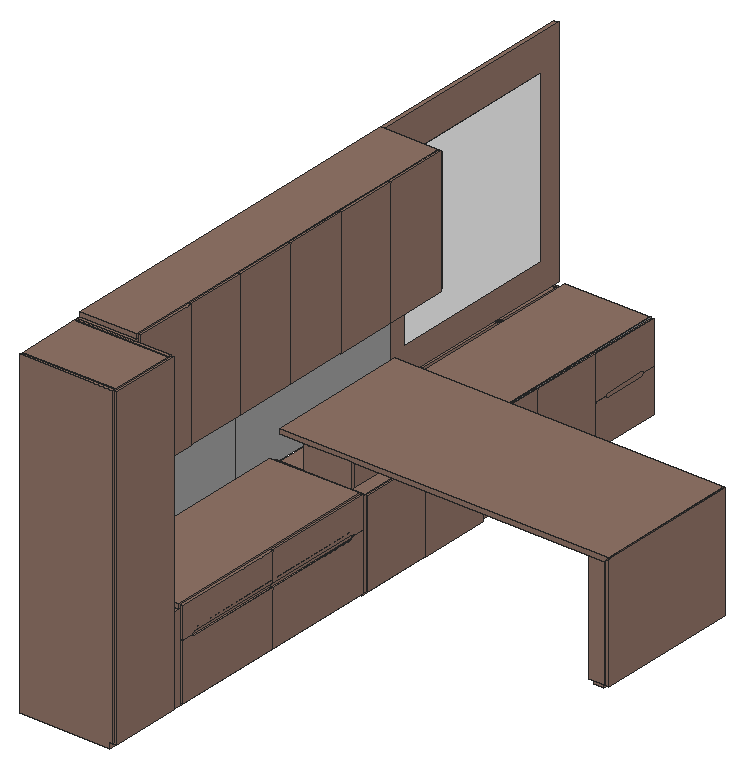
Revit family "T100018", category Furniture, Revit 2022 (continued)
Definition of nested family "OFS SLATE LOW HEIGHT MODULAR PEDESTAL"
  Automatic sketch dimensions
    Extrusion 13 sketch curve to Extrusion 11 = 0.68678"
    Extrusion 13 sketch curve to Extrusion 13 sketch curve = 0.24743"
    Extrusion 13 sketch curve to Extrusion 11 = 0.38234"
    Extrusion 13 sketch curve to Extrusion 13 sketch curve = 0.13491"
    Extrusion 13 sketch curve to Extrusion 13 sketch curve = 0.05588"
    Extrusion 13 sketch curve to Extrusion 11 = 0.75"
    plane 7 to Revolve 14 sketch curve = 0.00"
    Revolve 14 sketch curve to level = 0.00"  (x2)
    plane 1 "Center (Front/Back)" to Revolve 14 sketch curve = 1.09044"
    Revolve 14 sketch curve to Revolve 14 sketch curve = 0.04296"
    Revolve 14 sketch curve to Revolve 14 sketch curve = 0.00072"
    Revolve 14 sketch curve to Revolve 14 sketch curve = 0.28868"
    level to Revolve 14 sketch curve = 0.12988"
    Revolve 14 sketch curve to Revolve 14 sketch curve = 0.00"
    Revolve 14 sketch curve to level = 0.06704"
    plane 7 to Revolve 15 sketch curve = 0.00"
    Revolve 15 sketch curve to level = 0.00"  (x2)
    Revolve 15 sketch curve to plane 9 = 3.37205"
    Revolve 15 sketch curve to Revolve 15 sketch curve = 0.04296"
    Revolve 15 sketch curve to Revolve 15 sketch curve = 0.00072"
    Revolve 15 sketch curve to Revolve 15 sketch curve = 0.28868"
    level to Revolve 15 sketch curve = 0.12988"
    Revolve 15 sketch curve to Revolve 15 sketch curve = 0.00"
    Revolve 15 sketch curve to level = 0.06704"
Definition of nested family "OFS SLATE LOW HEIGHT MODULAR CABINET - Two Doors - Top Pull"
  Parameters (values of type "LOW HEIGHT MODULAR CABINET Top Pull 30W")
    Width = 30.00"
    URL = "http://www.ofs.com/"
    Top [instance] = none
    Right Hinged = no
    Panel [instance] = none
    Mount Panel [instance] = none
    Model = "CA-3024MDCL-1"
    Manufacturer = "CAROLINA"
    Left Hinged = yes
    Height = 23.25078"
    Glides [instance] = none
    Drawers [instance] = none
    Description = "OFS SLATE LOW HEIGHT MODULAR CABINET, Top Pull, 30\" Width, with Two Doors, One Adjustable Shelf"
    Depth = 24.75"
    Default Elevation = 0.00"
    Copyright © = "© 2019 OFS"
    Catalog = "https://ofs.com/products/tables/conference/slate"
    Base [instance] = none
    Authoring Version = "Autodesk Revit Architecture 2014"
    Assembly Code = "E2020200"
  Types (2): name | Width | Model | Description
    LOW HEIGHT MODULAR CABINET Top Pull 30W | 30.00" | "CA-3024MDCL-1" | "OFS SLATE LOW HEIGHT MODULAR CABINET, Top Pull, 30\" Width, with Two Doors, One Adjustable Shelf"
    LOW HEIGHT MODULAR CABINET Top Pull 36W | 36.00" | "CA-3624MDCL-1" | "OFS SLATE LOW HEIGHT MODULAR CABINET, Top Pull, 36\" Width, with Two Doors, One Adjustable Shelf"
  Reference planes (in)
    plane 1 "Center (Front/Back)": y = 0
    plane 2: z = 0
    plane 3 "Left": x = -6
    plane 4: z = 22.12578
    plane 5: z = 21.37578
    plane 6: z = 0.45
    plane 7 "Right": x = 24
    plane 8: y = -24.75
    plane 9: z = 23.25078
    plane 10: x = 9
    plane 11: x = 9
    plane 12: x = 9.0625
    plane 13: x = 8.9375
  Forms (in)
    Revolve 1, solid, material <- "Glides"
      sketch origin (1.39612, -1.00602, 47.24409) x (0, -1, 0) y (0, 0, 1)
        loop
          line (0.3731, -47.24409) -> (0.3731, -46.79409) -> (0.08442, -46.79409) -> (0.08442, -46.99165)
          arc (0.08442, -46.99165) -> (-0.00059, -47.13636) -> (0.1281, -47.24409) r 0.12988
          line (0.1281, -47.24409) -> (0.3731, -47.24409)
        axis (0.3731, -46.79409) -> (0.3731, -47.24409)
      angle from 0 to 360
    Extrusion 2, solid, material <- "Mount Panel"
      sketch origin (40.3125, 0, 0) x (1, 0, 0) y (0, 0, 1)
        loop
          line (-45.5625, 0.45) -> (-17, 0.45) -> (-17, 4.45) -> (-45.5625, 4.45) -> (-45.5625, 0.45)
      from 0.75 to 0
    Extrusion 3, solid, material <- "Mount Panel"
      sketch origin (40.3125, 0, -5.88672) x (1, 0, 0) y (0, 0, 1)
        loop
          line (-45.5625, 24.0125) -> (-17, 24.0125) -> (-17, 28.0125) -> (-45.5625, 28.0125) -> (-45.5625, 24.0125)
      from 0.75 to 0
    Extrusion 4, solid, material <- "Base"
      sketch origin (-71.875, 0, 0.2) x (0, -1, 0) y (-1, 0, 0)
        loop
          line (15.91339, -66.625) -> (15.91339, -95.1875) -> (19.91339, -95.1875) -> (19.91339, -66.625) -> (15.91339, -66.625)
      from -21.17578 to -21.92578
    Extrusion 5, solid, material <- "Base"
      sketch origin (-71.875, 0, 0.2) x (0, -1, 0) y (-1, 0, 0)
        loop
          line (4, -66.625) -> (4, -95.1875) -> (8, -95.1875) -> (8, -66.625) -> (4, -66.625)
      from -21.17578 to -21.92578
    Revolve 6, solid, material <- "Glides"
      sketch origin (1.39612, -21.38014, 47.24409) x (0, -1, 0) y (0, 0, 1)
        loop
          line (0.28648, -47.24409) -> (0.28648, -46.79409) -> (-0.00219, -46.79409) -> (-0.00219, -46.99165)
          arc (-0.00219, -46.99165) -> (-0.08721, -47.13636) -> (0.04148, -47.24409) r 0.12988
          line (0.04148, -47.24409) -> (0.28648, -47.24409)
        axis (0.28648, -46.79409) -> (0.28648, -47.24409)
      angle from 0 to 360
    Extrusion 7, solid, material <- "Panel"
      sketch origin (-71.8125, 0, 1.7) x (0, -1, 0) y (-1, 0, 0)
        loop
          line (0.75, -66.5625) -> (0.75, -95.125) -> (22.97589, -95.125) -> (22.97589, -66.5625) -> (0.75, -66.5625)
      from 1.25 to -0.75
    Extrusion 8, solid, material <- "Panel"
      sketch origin (50.0625, 0, 0) x (1, 0, 0) y (0, 0, 1)
        loop
          line (-26.75, 22.12578) -> (-26.75, 0.45) -> (-26.0625, 0.45) -> (-26.0625, 22.12578) -> (-26.75, 22.12578)
      from 23.9375 to 0
    Extrusion 9, solid, material <- "Panel"
      sketch origin (50, 0, 0) x (1, 0, 0) y (0, 0, 1)
        loop
          line (-56, 22.12578) -> (-56, 0.45) -> (-55.25, 0.45) -> (-55.25, 22.12578) -> (-56, 22.12578)
      from 23.9375 to 0
    Extrusion 10, void
      sketch origin (-6, 0, 0.45) x (0, 0, 1) y (0, 1, 0)
        loop
          line (0, -23.0625) -> (0, -24) -> (1.25, -24) -> (1.25, -23.0625) -> (0, -23.0625)
      from -40.7134 to 11.10465
    Extrusion 11, solid, material <- "Drawers"
      sketch origin (-6, 0, 0.45) x (0, 0, 1) y (0, 1, 0)
        loop
          line (1.25, -24.6875) -> (22.80078, -24.6875) -> (22.80078, -24.45475)
          arc (22.80078, -24.45475) -> (22.78626, -24.38174) -> (22.7449, -24.31984) r 0.19079
          line (22.7449, -24.31984) -> (22.36256, -23.9375) -> (1.25, -23.9375) -> (1.25, -24.6875)
      from -14.9375 to 0
    Revolve 12, solid, material <- "Glides"
      sketch origin (16.60388, -1.00602, 47.24409) x (0, -1, 0) y (0, 0, 1)
        loop
          line (0.3731, -47.24409) -> (0.3731, -46.79409) -> (0.08442, -46.79409) -> (0.08442, -46.99165)
          arc (0.08442, -46.99165) -> (-0.00059, -47.13636) -> (0.1281, -47.24409) r 0.12988
          line (0.1281, -47.24409) -> (0.3731, -47.24409)
        axis (0.3731, -46.79409) -> (0.3731, -47.24409)
      angle from 0 to 360
    Revolve 13, solid, material <- "Glides"
      sketch origin (16.60388, -21.38014, 47.24409) x (0, -1, 0) y (0, 0, 1)
        loop
          line (0.28648, -47.24409) -> (0.28648, -46.79409) -> (-0.00219, -46.79409) -> (-0.00219, -46.99165)
          arc (-0.00219, -46.99165) -> (-0.08721, -47.13636) -> (0.04148, -47.24409) r 0.12988
          line (0.04148, -47.24409) -> (0.28648, -47.24409)
        axis (0.28648, -46.79409) -> (0.28648, -47.24409)
      angle from 0 to 360
    Extrusion 14, solid, material <- "Drawers"
      sketch origin (10.89602, 0, 0.45) x (0, 0, 1) y (0, 1, 0)
        loop
          line (1.25, -24.6875) -> (22.80078, -24.6875) -> (22.80078, -24.45475)
          arc (22.80078, -24.45475) -> (22.78626, -24.38174) -> (22.7449, -24.31984) r 0.19079
          line (22.7449, -24.31984) -> (22.36256, -23.9375) -> (1.25, -23.9375) -> (1.25, -24.6875)
      from -13.10398 to 1.83352
  Cuts and joins
    Extrusion 10 cuts Extrusion 8
    Extrusion 10 cuts Extrusion 9
    joined: Extrusion 7, Extrusion 8, Extrusion 9
  Lines and regions (in)
    Masking region 1
      outline origin (100.0625, -50, 0) x (1, 0, 0) y (0, 1, 0)
        loop
          line (-76.0625, 50) -> (-106.0625, 50) -> (-106.0625, 25.25) -> (-76.0625, 25.25) -> (-76.0625, 50)
    symbolic lines
      curve 1: arc (9.0625, -24.75, 0) -> (9.19338, -26.72304, 0) -> (9.58372, -28.6615, 0) r 14.9375
      curve 2: arc (8.9375, -24.75, 0) -> (8.81443, -26.66352, 0) -> (8.44725, -28.54552, 0) r 14.9375
      curve 3: line (8.44725, -28.54552, 0) -> (-6, -24.75, 0)
      curve 4: line (9.58372, -28.6615, 0) -> (24, -24.75, 0)
  Dimensions and locks (in)
    "Width": plane 3 "Left" to plane 7 "Right"
    "Height": plane 9 to level
    "Depth": plane 8 to plane 1 "Center (Front/Back)"
    equal spacing: plane 3 "Left", plane 10, plane 7 "Right"
    equal spacing: plane 13, plane 11, plane 12
    locked: plane 13 to plane 12 at 0.125
    aligned and locked: level to plane 2
    aligned and locked: Extrusion 11 to plane 13
    aligned and locked: Extrusion 14 to plane 12
    aligned and locked: plane 7 "Right" to Extrusion 14
    aligned and locked: Extrusion 9 to plane 3 "Left"
  Automatic sketch dimensions
    plane 6 to Revolve 1 sketch curve = 0.00"
    Revolve 1 sketch curve to level = 0.00"  (x2)
    Revolve 1 sketch curve to plane 1 "Center (Front/Back)" = 1.09044"
    Revolve 1 sketch curve to Revolve 1 sketch curve = 0.04296"
    Revolve 1 sketch curve to Revolve 1 sketch curve = 0.00072"
    Revolve 1 sketch curve to Revolve 1 sketch curve = 0.28868"
    Revolve 1 sketch curve to level = 0.12988"
    Revolve 1 sketch curve to Revolve 1 sketch curve = 0.00"
    level to Revolve 1 sketch curve = 0.06704"
    Extrusion 2 sketch curve to plane 6 = 0.00"
    plane 3 "Left" to Extrusion 2 sketch curve = 0.75"
    Extrusion 2 sketch curve to plane 7 "Right" = 0.6875"
    Extrusion 2 sketch curve to Extrusion 2 sketch curve = 4.00"
    Extrusion 3 sketch curve to plane 4 = 0.00"
    plane 3 "Left" to Extrusion 3 sketch curve = 0.75"
    Extrusion 3 sketch curve to plane 7 "Right" = 0.6875"
    Extrusion 3 sketch curve to plane 5 = 3.25"
    Extrusion 4 sketch curve to plane 7 "Right" = 0.6875"
    Extrusion 4 sketch curve to plane 8 = 8.83661"
    plane 3 "Left" to Extrusion 4 sketch curve = 0.75"
    Extrusion 4 sketch curve to Extrusion 4 sketch curve = 4.00"
    Extrusion 5 sketch curve to plane 7 "Right" = 0.6875"
    plane 1 "Center (Front/Back)" to Extrusion 5 sketch curve = 4.00"
    plane 3 "Left" to Extrusion 5 sketch curve = 0.75"
    Extrusion 5 sketch curve to Extrusion 5 sketch curve = 4.00"
    plane 6 to Revolve 6 sketch curve = 0.00"
    Revolve 6 sketch curve to level = 0.00"  (x2)
    plane 8 to Revolve 6 sketch curve = 3.37205"
    Revolve 6 sketch curve to Revolve 6 sketch curve = 0.04296"
    Revolve 6 sketch curve to Revolve 6 sketch curve = 0.00072"
    Revolve 6 sketch curve to Revolve 6 sketch curve = 0.28868"
    Revolve 6 sketch curve to level = 0.12988"
    Revolve 6 sketch curve to Revolve 6 sketch curve = 0.00"
    level to Revolve 6 sketch curve = 0.06704"
    plane 1 "Center (Front/Back)" to Masking region 1 sketch curve = 0.00"
    Masking region 1 sketch curve to plane 3 "Left" = 0.00"
    Masking region 1 sketch curve to plane 7 "Right" = 0.00"
    plane 8 to Masking region 1 sketch curve = 0.00"
    plane 1 "Center (Front/Back)" to Extrusion 7 sketch curve = 0.75"
    plane 3 "Left" to Extrusion 7 sketch curve = 0.75"
    Extrusion 7 sketch curve to plane 8 = 1.77411"
    Extrusion 7 sketch curve to plane 7 "Right" = 0.6875"
    Extrusion 8 sketch curve to plane 6 = 0.00"
    Extrusion 8 sketch curve to plane 4 = 0.00"
    Extrusion 8 sketch curve to plane 7 "Right" = 0.00"
    Extrusion 8 sketch curve to Extrusion 8 sketch curve = 0.6875"
    Extrusion 9 sketch curve to plane 6 = 0.00"
    Extrusion 9 sketch curve to plane 4 = 0.00"
    Extrusion 9 sketch curve to plane 3 "Left" = 0.00"
    plane 3 "Left" to Extrusion 9 sketch curve = 0.75"
    Extrusion 9 to Extrusion 10 sketch curve = 0.00"
    Extrusion 10 sketch curve to Extrusion 9 = 1.25"
    Extrusion 10 sketch curve to Extrusion 9 = 0.0625"
    Extrusion 9 to Extrusion 10 sketch curve = 0.875"
    Extrusion 11 sketch curve to Extrusion 9 = 0.00"
    Extrusion 11 sketch curve to Extrusion 9 = 1.25"
    Extrusion 11 sketch curve to Extrusion 9 = 0.68678"
    Extrusion 11 sketch curve to Extrusion 11 sketch curve = 0.24743"
    Extrusion 11 sketch curve to Extrusion 9 = 0.38234"
    Extrusion 11 sketch curve to Extrusion 11 sketch curve = 0.13491"
    Extrusion 11 sketch curve to Extrusion 11 sketch curve = 0.05588"
    Extrusion 11 sketch curve to Extrusion 11 sketch curve = 0.75"
    plane 6 to Revolve 12 sketch curve = 0.00"
    Revolve 12 sketch curve to level = 0.00"  (x2)
    plane 1 "Center (Front/Back)" to Revolve 12 sketch curve = 1.09044"
    Revolve 12 sketch curve to Revolve 12 sketch curve = 0.04296"
    Revolve 12 sketch curve to Revolve 12 sketch curve = 0.00072"
    Revolve 12 sketch curve to Revolve 12 sketch curve = 0.28868"
    level to Revolve 12 sketch curve = 0.12988"
    Revolve 12 sketch curve to Revolve 12 sketch curve = 0.00"
    Revolve 12 sketch curve to level = 0.06704"
    plane 6 to Revolve 13 sketch curve = 0.00"
    Revolve 13 sketch curve to level = 0.00"  (x2)
    Revolve 13 sketch curve to plane 8 = 3.37205"
    Revolve 13 sketch curve to Revolve 13 sketch curve = 0.04296"
    Revolve 13 sketch curve to Revolve 13 sketch curve = 0.00072"
    Revolve 13 sketch curve to Revolve 13 sketch curve = 0.28868"
    level to Revolve 13 sketch curve = 0.12988"
    Revolve 13 sketch curve to Revolve 13 sketch curve = 0.00"
    Revolve 13 sketch curve to level = 0.06704"
    plane 9 to Extrusion 14 sketch curve = 0.00"
    plane 9 to Extrusion 14 sketch curve = 0.05588"
    plane 9 to Extrusion 14 sketch curve = 0.19079"
    plane 9 to Extrusion 14 sketch curve = 0.43822"
    Extrusion 14 sketch curve to plane 6 = 1.25"
    Extrusion 14 sketch curve to plane 8 = 0.0625"
    Extrusion 14 sketch curve to plane 8 = 0.29525"
    Extrusion 14 sketch curve to Extrusion 14 sketch curve = 0.75"
    curve 3 to plane 3 "Left" = 0.00"
    curve 2 to plane 3 "Left" = 0.00"
    plane 8 to curve 2 = 0.00"
    curve 2 to plane 13 = 0.00"
    plane 8 to curve 1 = 0.00"
    curve 1 to plane 12 = 0.00"
    curve 1 to plane 7 "Right" = 0.00"
    curve 4 to plane 7 "Right" = 0.00"
    plane 8 to curve 3 = 0.00"
    plane 8 to curve 4 = 0.00"
    plane 13 to curve 3 = 0.49025"
    plane 12 to curve 1 = 0.52122"
Definition of nested family "Intermix 42x1x42 Magnetic Glass Markerboard"
  Parameters (values of type "Intermix 42x1x42 Magnetic Glass Markerboard")
    Width = 42.00"
    URL = "http://www.ofs.com"
    Model = "CC-4242GB"
    Manufacturer = "OFS"
    Height = 42.00"
    Default Elevation = 0.00"
    Board Material = none
    Description = "OFS INTERMIX"
    Depth = 25.00"
    Copyright © = "©OFS 2019"
    Catalog = "https://ofs.com/products/tables/conference/intermix-collaborative"
    Authoring Version = "Autodesk Revit Architecture 2015"
    Assembly Code = "E2020200"
  Reference planes (in)
    plane 1 "Back": y = -8.5
    plane 2: z = 0
    plane 3 "Center Left/Right": x = 0
    plane 4: x = -21
    plane 5 "Center Front/Back": y = -21
    plane 6: x = 21
    plane 7: y = -33.5
    plane 8: z = 42
    plane 9: through (-3.09549, -38.5554, 48) normal (-0.9848, 0.1736, 0)
    plane 10: through (0.02286, -21.12962, 48) normal (-0.9848, -0.1736, 0)
  Forms (in)
    Extrusion 1, solid, material <- "Board Material"
      sketch origin (0, 0, 0) x (0, 1, 0) y (0, 0, 1)
        loop
          line (-20.40625, 42) -> (-21, 42) -> (-21, 0) -> (-20.40625, 0) -> (-20.40625, 42)
      from -21 to 21
  Dimensions and locks (in)
    equal spacing: plane 4, plane 3 "Center Left/Right", plane 6
    "Width": plane 4 to plane 6
    "Depth": plane 7 to plane 1 "Back"
    "Height": plane 8 to level
    equal spacing: plane 1 "Back", plane 5 "Center Front/Back", plane 7
    aligned and locked: level to plane 2
    aligned and locked: Extrusion 1 to level
    aligned and locked: Extrusion 1 to plane 4
    aligned and locked: Extrusion 1 to plane 6
  Automatic sketch dimensions
    Extrusion 1 sketch curve to plane 5 "Center Front/Back" = 0.00"
    plane 5 "Center Front/Back" to Extrusion 1 sketch curve = 0.59375"
    level to Extrusion 1 sketch curve = 0.00"
    Extrusion 1 sketch curve to plane 8 = 0.00"
Definition of nested family "OFS_Slate Private Office_TackBoard"
  Parameters (values of type "OFS_Slate Private Office_TackBoard")
    Width = 60.00"
    URL = "http://www.ofsbrands.com/"
    Model = "Type Catalog"
    Manufacturer = "OFS BRANDS"  # constant formula
    Height = 19.00"
    Elevation [instance] = 30.50"
    Description = "Type Catalog"
    Default Elevation = 0.00"
    Copyright © = "© 2016 OFS BRANDS"  # constant formula
    Catalog = "OFS"  # constant formula
    Board [instance] = none
    Authoring Version = "Autodesk Revit Architecture 2014"  # constant formula
    Assembly Code = "E2020200"
    2 Piece = Width > 96.00"  # no
    1 Piece = not([2 Piece])  # yes
  Reference planes (in)
    plane 1 "Center (Front/Back)": y = 0
    plane 2: z = 0
    plane 3 "Center (Left/Right)": x = 0
    plane 4: x = 30
    plane 5: x = 1.8125
    plane 6: x = 58.1875
    plane 7: x = 60
    plane 8: z = 30.5
    plane 9: z = 49.5
  Forms (in)
    Extrusion 1, solid, material <- "Board", visible <- "1 Piece"
      sketch origin (1.8125, -1.1875, 47.24409) x (0, -1, 0) y (0, 0, 1)
        loop
          line (-0.4375, 2.25591) -> (-0.4375, -16.74409) -> (0, -16.74409) -> (0, 2.25591) -> (-0.4375, 2.25591)
      from 0 to -56.375
    Extrusion 2, solid, material <- "Board", visible <- "2 Piece"
      sketch origin (1.8125, -1.1875, 47.24409) x (0, -1, 0) y (0, 0, 1)
        loop
          line (-0.4375, 2.25591) -> (-0.4375, -16.74409) -> (0, -16.74409) -> (0, 2.25591) -> (-0.4375, 2.25591)
      from 0 to -28.1875
    Extrusion 3, solid, material <- "Board", visible <- "2 Piece"
      sketch origin (58.1875, -1.1875, 47.24409) x (0, -1, 0) y (0, 0, -1)
        loop
          line (-0.4375, -2.25591) -> (0, -2.25591) -> (0, 16.74409) -> (-0.4375, 16.74409) -> (-0.4375, -2.25591)
      from 0 to -28.1875
  Lines and regions (in)
    Masking region 1
      outline origin (71.16612, -60, 49.5) x (0, -1, 0) y (1, 0, 0)
        loop
          line (-59.25, -69.35362) -> (-58.8125, -69.35362) -> (-58.8125, -12.97862) -> (-59.25, -12.97862) -> (-59.25, -69.35362)
    symbolic lines, visible <- "2 Piece", detail levels medium+fine
      curve 1: line (30, -1.1875, 49.5) -> (30, -0.75, 49.5)
  Dimensions and locks (in)
    locked: plane 3 "Center (Left/Right)" to plane 5 at 1.8125
    locked: plane 6 to plane 7 at 1.8125
    "Width": plane 3 "Center (Left/Right)" to plane 7
    equal spacing: plane 5, plane 4, plane 6
    "Elevation": plane 8 to level
    "Height": plane 9 to plane 8
    aligned and locked: level to plane 2
    aligned and locked: plane 8 to Extrusion 1 sketch curve
    aligned and locked: plane 9 to Extrusion 1 sketch curve
    aligned and locked: plane 6 to Extrusion 1
    aligned and locked: Extrusion 2 sketch curve to Extrusion 1  (x2)
    aligned and locked: Extrusion 2 to plane 4
    aligned and locked: plane 4 to Extrusion 3
    aligned and locked: plane 6 to Extrusion 3
    aligned and locked: plane 9 to Extrusion 3 sketch curve
    aligned and locked: plane 8 to Extrusion 3 sketch curve
    aligned and locked: nested 1 to Extrusion 3
    aligned and locked: plane 4 to nested 1
    aligned and locked: Masking region 1 sketch curve to Extrusion 1  (x2)
    aligned and locked: plane 4 to curve 1
  Automatic sketch dimensions
    plane 1 "Center (Front/Back)" to Extrusion 1 sketch curve = 0.75"
    Extrusion 1 sketch curve to Extrusion 1 sketch curve = 0.4375"
    plane 1 "Center (Front/Back)" to Extrusion 2 sketch curve = 0.75"
    Extrusion 2 sketch curve to Extrusion 2 sketch curve = 0.4375"
    plane 1 "Center (Front/Back)" to Extrusion 3 sketch curve = 0.75"
    Extrusion 3 sketch curve to Extrusion 3 sketch curve = 0.4375"
    plane 1 "Center (Front/Back)" to Masking region 1 sketch curve = 0.75"
    Masking region 1 sketch curve to Masking region 1 sketch curve = 0.4375"
    plane 1 "Center (Front/Back)" to curve 1 = 0.75"
    plane 1 "Center (Front/Back)" to curve 1 = 1.1875"
  Nested families (in)
    nested 1: "Tag" at (30, -1.1875, 0), type "Center", detail levels fine
      with Offset (LR) 0.00", Distance of Center (not Change) 0.11"
  Definition of nested family "Tag"
    Parameters
      P_Width = 0.00"
      Text_Width = "Empty"
      Text_Height = "Empty"
      Text_Diameter = "Empty"
      Text_Depth = "Empty"
      Offset (LR) [instance] = 0.00"
      Model Name = "Type Catalog"
      P_Height = 0.00"
      Distance of Center (not Change) = 0.10"
      P_Diameter = 0.00"
      P_Depth = 0.00"
    Reference planes (in)
      plane 1: y = 0
      plane 2: x = 0
    Lines and regions (in)
      reference lines
        curve 1: line (-0.44359, 0.1, 0) -> (0.41085, 0.1, 0)
        curve 3: line (0, 0.42564, 0) -> (0, -0.30221, 0)
      reference lines, not visible
        curve 2: line (-0.44359, 0.09843, 0) -> (0.41085, 0.09843, 0)
        curve 4: line (0, 0.42407, 0) -> (0, -0.30379, 0)
    Text (in)
      label "Empty" at (0.00197, 0.0921, 0), shows "Model Name"
      label "Empty" at (0.00197, 0.09052, 0), shows "Model Name", not visible
    Dimensions and locks (in)
      "Distance of Center (not Change)": plane 1 to curve 1
      "Offset (LR)": curve 3 to plane 2
    Automatic sketch dimensions
      curve 1 to curve 3 = 0.44359"
      curve 3 to curve 1 = 0.41085"
      curve 3 to curve 1 = 0.40221"
      curve 1 to curve 3 = 0.32564"
      curve 2 to curve 4 = 0.44359"
      curve 4 to curve 2 = 0.41085"
      curve 4 to curve 2 = 0.40221"
      curve 2 to curve 4 = 0.32564"
